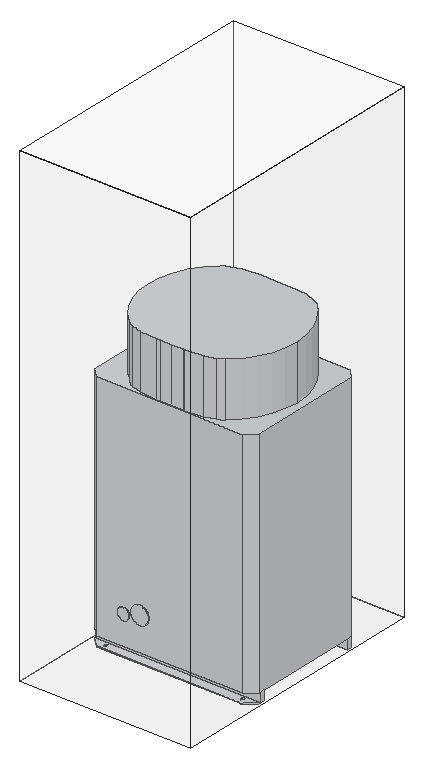
Revit family "室外機（高効率EX60Hz）_MEE修正", category 機械設備, Revit 2019 (continued)
Types (49, lengths in mm): name | 風量（m3／min） | 風量 | 音響パワーレベル(dB) | 電源位置2X（ユニット3） | 電源位置2X（ユニット2） | 電源位置2X（ユニット1） | 電源位置1X（ユニット3） | 電源位置1X（ユニット2） | 電源位置1X（ユニット1） | 電動機出力_送風機 | 電動機出力_圧縮機 | 質量 | 製品質量 | 消費電力_暖房 | 消費電力_冷房 | 消費電力 | 最小電線太さ_mm2 | 暖房能力 | 推奨ブレーカー容量 | 冷房能力 | 冷媒管（液）位置2 (ユニット3) | 冷媒管（液）位置2 (ユニット2) | 冷媒管（液）位置1 (ユニット3） | 冷媒管（ガス）位置2 (ユニット3) | 冷媒管（ガス）位置2 (ユニット2) | 冷媒管（液）位置1 (ユニット1) | 冷媒管（液）位置2 (ユニット1) | 冷媒管（ガス）位置2 (ユニット1) | 冷媒管（液）位置1 (ユニット2） | 冷媒管径符号 | 冷媒管位置3 (ユニット3) | 冷媒管位置3 (ユニット2) | 冷媒管位置3 (ユニット1) | 冷媒管位置2 (ユニット3) | 冷媒管位置2 (ユニット2) | 冷媒管位置1 (ユニット2) | 冷媒管位置2 (ユニット1) | 冷媒管位置1 (ユニット3) | 冷媒管位置1 (ユニット1) | 冷媒液管径3 | 冷媒液管径2 | 冷媒液管径 | 冷媒ガス管径3 | 冷媒ガス管径2 | 冷媒ガス管径 | ユニット隙間 | ユニット数 | ユニットタイプ3 | ユニットタイプ2 | ユニットタイプ1 | ユニット3 | ユニット2 | モデル | サービススペース_タイプA | アンカーボルト位置X（ユニット3） | アンカーボルト位置X（ユニット2） | アンカーボルト位置X（ユニット1） | Width3 | Width2 | Width1 | Width | URL | MAX風量 | Clearance Right | Clearance Left | Clearance Back | APF
  PUHY-EP670DMG7_タイプB | 420 | 25200.0 m³/h | 85.5 | 227 | 227 | 227 | 251 | 251 | 251 | 0.92 kW | 15.54 kW | 535.20 kg | 446.00 kg | 19.6 kW | 19.4 kW | 19.6 kW | 60 | 77.5 kW | 100 A | 67 kW | 143 | 143 | 301 | 145 | 145 | 301 | 143 | 145 | 301 | "Dh" | 197.5 | 197.5 | 197.5 | 144 | 144 | 342.5 | 144 | 342.5 | 342.5 | 12.70 | 12.70 | 12.70 | 25.40 | 25.40 | 25.40 | 100 | 2 | 筐体モジュール（高効率EX） : 335筐体 | 筐体モジュール（高効率EX） : 335筐体 | 筐体モジュール（高効率EX） : 335筐体 | no | yes | "PUHY-EP670DMG7" | no | 1060 | 1060 | 1060 | 1220 | 1220 | 1220 | 2540 | "https://www.mitsubishielectric.co.jp/ldg/wink/ssl/displayProduct.do?pid=307706" | 25200.0 m³/h | 50 | 50 | 100 | 6.2
  PUHY-EP730DMG7_タイプB | 570 | 34200.0 m³/h | 86 | 227 | 227 | 516 | 251 | 251 | 541 | 1.38 kW | 17.61 kW | 607.20 kg | 506.00 kg | 22.3 kW | 22.2 kW | 22.3 kW | 60 | 82.5 kW | 100 A | 73 kW | 143 | 143 | 301 | 145 | 145 | 590 | 143 | 145 | 301 | "Dh" | 197.5 | 197.5 | 197.5 | 144 | 144 | 342.5 | 144 | 342.5 | 631.5 | 12.70 | 12.70 | 12.70 | 25.40 | 25.40 | 25.40 | 100 | 2 | 筐体モジュール（高効率EX） : 335筐体 | 筐体モジュール（高効率EX） : 335筐体 | 筐体モジュール.（高効率EX） : 400筐体 | no | yes | "PUHY-EP730DMG7" | no | 1060 | 1060 | 795 | 1220 | 1220 | 1750 | 3070 | "https://www.mitsubishielectric.co.jp/ldg/wink/ssl/displayProduct.do?pid=307709" | 34200.0 m³/h | 50 | 50 | 100 | 6.2
  PUHY-EP775DMG7_タイプB | 720 | 43200.0 m³/h | 86 | 516 | 516 | 516 | 541 | 541 | 541 | 1.84 kW | 19.68 kW | 679.20 kg | 566.00 kg | 25.6 kW | 24.5 kW | 25.6 kW | 60 | 90 kW | 125 A | 77.5 kW | 143 | 143 | 590 | 145 | 145 | 590 | 143 | 145 | 590 | "Ei" | 197.5 | 197.5 | 197.5 | 144 | 144 | 631.5 | 144 | 631.5 | 631.5 | 12.70 | 12.70 | 12.70 | 25.40 | 25.40 | 25.40 | 100 | 2 | 筐体モジュール.（高効率EX） : 400筐体 | 筐体モジュール.（高効率EX） : 400筐体 | 筐体モジュール.（高効率EX） : 400筐体 | no | yes | "PUHY-EP775DMG7" | no | 795 | 795 | 795 | 1750 | 1750 | 1750 | 3600 | "https://www.mitsubishielectric.co.jp/ldg/wink/ssl/displayProduct.do?pid=307711" | 43200.0 m³/h | 50 | 50 | 100 | 6.3
  PUHY-EP850DMG7_タイプB | 720 | 43200.0 m³/h | 86 | 516 | 516 | 516 | 541 | 541 | 541 | 1.84 kW | 22.44 kW | 679.20 kg | 566.00 kg | 26.8 kW | 28.6 kW | 28.6 kW | 60 | 95 kW | 125 A | 85 kW | 143 | 143 | 590 | 145 | 145 | 590 | 144 | 145 | 590 | "Ei" | 197.5 | 197.5 | 205 | 144 | 144 | 631.5 | 144.5 | 631.5 | 631.5 | 12.70 | 12.70 | 15.88 | 25.40 | 25.40 | 28.58 | 100 | 2 | 筐体モジュール.（高効率EX） : 400筐体 | 筐体モジュール.（高効率EX） : 400筐体 | 筐体モジュール.（高効率EX） : 450筐体 | no | yes | "PUHY-EP850DMG7" | no | 795 | 795 | 795 | 1750 | 1750 | 1750 | 3600 | "https://www.mitsubishielectric.co.jp/ldg/wink/ssl/displayProduct.do?pid=307604" | 43200.0 m³/h | 50 | 50 | 100 | 6.3
  PUHY-EP900DMG7_タイプB | 720 | 43200.0 m³/h | 86 | 516 | 516 | 516 | 541 | 541 | 541 | 1.84 kW | 25.2 kW | 679.20 kg | 566.00 kg | 27.1 kW | 32.4 kW | 32.4 kW | 100 | 100 kW | 125 A | 90 kW | 144 | 144 | 590 | 145 | 145 | 590 | 144 | 145 | 590 | "Ei" | 205 | 205 | 205 | 144.5 | 144.5 | 631.5 | 144.5 | 631.5 | 631.5 | 15.88 | 15.88 | 15.88 | 28.58 | 28.58 | 28.58 | 100 | 2 | 筐体モジュール.（高効率EX） : 450筐体 | 筐体モジュール.（高効率EX） : 450筐体 | 筐体モジュール.（高効率EX） : 450筐体 | no | yes | "PUHY-EP900DMG7" | no | 795 | 795 | 795 | 1750 | 1750 | 1750 | 3600 | "https://www.mitsubishielectric.co.jp/ldg/wink/ssl/displayProduct.do?pid=307716" | 43200.0 m³/h | 50 | 50 | 100 | 6.4
  PUHY-EP950DMG7_タイプB | 720 | 43200.0 m³/h | 87.5 | 516 | 516 | 516 | 541 | 541 | 541 | 1.84 kW | 27.8 kW | 686.40 kg | 572.00 kg | 29.1 kW | 34.4 kW | 34.4 kW | 100 | 106 kW | 150 A | 95 kW | 144 | 144 | 590 | 145 | 145 | 590 | 144 | 145 | 590 | "Ek" | 205 | 205 | 205 | 144.5 | 144.5 | 631.5 | 144.5 | 631.5 | 631.5 | 15.88 | 15.88 | 15.88 | 28.58 | 28.58 | 28.58 | 100 | 2 | 筐体モジュール.（高効率EX） : 450筐体 | 筐体モジュール.（高効率EX） : 450筐体 | 筐体モジュール.（高効率EX） : 500筐体 | no | yes | "PUHY-EP950DMG7" | no | 795 | 795 | 795 | 1750 | 1750 | 1750 | 3600 | "https://www.mitsubishielectric.co.jp/ldg/wink/ssl/displayProduct.do?pid=307718" | 43200.0 m³/h | 50 | 50 | 100 | 5.6
